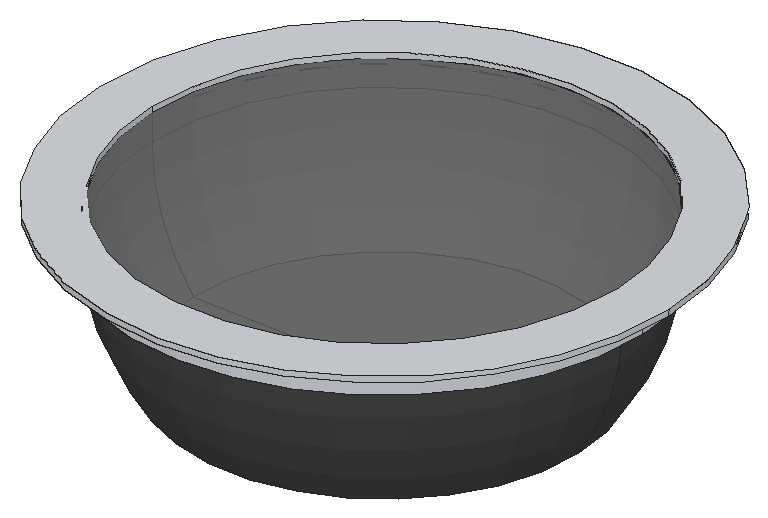
Revit family "3031606", category Lighting Fixtures, host Face, Revit 2018
Family settings
  Host = Face
  Round Connector Dimension = Use Diameter
  Part Type = Normal
  OmniClass Number = 23.80.70.11.17
  OmniClass Title = Specialized Lighting by Location or Use
  Cut with Voids When Loaded = No
  Light Source = Yes
  Shared = No
  Room Calculation Point = No
Parameters (values of type "3031606 SYL-LIGHTER 110 LED 12W WW DIM")
  Weight = 1.10 kg
  Wattage = 21 W
  built-in parameter 1150110 = 1 (stored number, unit not read)
  Voltage Comments = "UNV (Universal Voltage; 220-240 Volt)"  # constant formula
  Voltage = 240 V  # constant formula
  URL = "0"
  built-in parameter 1114217 = 1 (stored number, unit not read)
  Tilt Angle = -90.00°  # constant formula
  built-in parameter 1150109 = 1 (stored number, unit not read)
  built-in parameter 1150134 = 12
  T Class Min = -1 °C
  T Class Max = -1 °C
  built-in parameter 1150113 = 1 (stored number, unit not read)
  Recessed Depth = Height  # 60.0 mm
  LOR = "1"
  Keynote = "n/a"
  IP Rating = "IP44"  # constant formula
  IK Rating = "IK02"  # constant formula
  Catalog Number = "3031605 Syl-Lighter 220 LED 21W NW"
  Body Material = Metal_Sylvania_Syl-Lighter LED_Silver
  Product Page URL = ""
  Product Family = "SYL-LIGHTER LED ROUND - 4,000K LAMP"  # constant formula
  Photometry Comments = ""
  Photometric Web File = "3031606.ies"
  built-in parameter 1150105 = 128.68 (stored number, unit not read)
  Lumens = 1617 lm
  built-in parameter 1150115 = 1 (stored number, unit not read)
  built-in parameter 1150137 = (empty or 0)
  built-in parameter 1150139 = (empty or 0)
  Life = "50 000"  # constant formula
  built-in parameter 1150112 = 1 (stored number, unit not read)
  built-in parameter 1150114 = 1 (stored number, unit not read)
  Lamp Comments = "Integrated LED"
  built-in parameter 1150132 = 2
  built-in parameter 1150102 = (empty or 0)
  built-in parameter 1150107 = 4000 (stored number, unit not read)
  built-in parameter 1150138 = (empty or 0)
  built-in parameter 1150106 = 1.2868 (stored number, unit not read)
  Glow Wire Test = 960 °C
  Emit from Circle Diameter = Diffuser Diameter  # 180.0 mm
  Emit Shape Visible in Rendering = no
  built-in parameter 1150104 = 7.1535 (stored number, unit not read)
  Drive Current = "500mA"  # constant formula
  Dimming Lamp Color Temperature Shift = <None>
  Diffuser Radius = Diffuser Diameter / 2  # 90.0 mm
  Diffuser Diameter = Diameter - 20.0 mm  # 180.0 mm
  Inner Diameter = Diameter - 4.0 mm  # 196.0 mm
  Cutout Diameter = Diameter  # 200.0 mm
  Color Filter = 16777215
  CRI ( Ra ) = 80
  Beam Angle = 74.00°
  built-in parameter 1114218 = 1 (stored number, unit not read)
  built-in parameter 1150133 = 10 (stored number, unit not read)
  Height = 60.0 mm
  Electrical Protection = "CLASS II"  # constant formula
  built-in parameter 1114216 [instance] = 1 (stored number, unit not read)
  Model = "SYL-LIGHTER 110 LED 12W WW DIM"
  Manufacturer = ""
  Lamp = "n/a"
  Diffuser Material = Polycarbonate_Sylvania_Syl-Lighter LED_Opal
  Description = "Syl-lighter Round is available in 3 different body sizes: 165mm, 195mm & 220mm. High lumen output - up to 1,742lm. High efficiency - up to 80.9lm. Choice of 3,000K warm white or 4,000K neutral white colour temperature. Small recessed depth (<60mm)"  # constant formula
  Default Elevation = 0.0 mm
  built-in parameter 1140040 [instance] = 1
  Assembly Code = "D5020200"
  Apparent Load Comments = ""
  Apparent Load = 12 VA
  Accessory Radius = Accessory Diameter / 2  # 110.0 mm
  Accessory Material = Aluminum_Sylvania_Syl-Lighter LED_White
  Diameter = 200.0 mm
  Accessory Diameter = Diameter + 20.0 mm  # 220.0 mm
Reference planes
  plane 1 "Center (Front/Back)": y = 0
  plane 2: z = 0
  plane 3 "Center (Left/Right)": x = 0
  plane 4 "Fixture Bottom": z = 2
  plane 5: z = -10
  plane 6 "Fixture Top": z = -60
  plane 7: z = -2
Forms (mm)
  Extrusion 1, void
    sketch origin (0, 0, 58) x (-1, 0, 0) y (0, -1, 0)
      loop
        circle (0, 0) r 100
    from -171 to -55
  Extrusion 2, solid, detail levels fine
    sketch origin (0, 0, 58) x (-1, 0, 0) y (0, -1, 0)
      loop
        circle (0, 0) r 100
      loop
        circle (0, 0) r 98
    from -68 to -58
  Extrusion 3, solid, detail levels fine
    sketch origin (0, 0, 58) x (-1, 0, 0) y (0, -1, 0)
      loop
        circle (0, 0) r 110
      loop
        circle (0, 0) r 90
    from -58 to -56
  Extrusion 4, solid, material "Polycarbonate_Sylvania_Syl-Lighter LED_Opal" <- "Diffuser Material", detail levels fine
    sketch origin (0, 0, 58) x (-1, 0, 0) y (0, -1, 0)
      loop
        circle (0, 0) r 90
    from -60 to -58
  Revolve 5, solid, material "Metal_Sylvania_Syl-Lighter LED_Silver" <- "Body Material", detail levels fine
    sketch origin (0, 0, 0) x (1, 0, 0) y (0, 0, 1)
      loop
        line (-90, 0) -> (-92, 0) -> (-92, -10)
        arc (-92, -10) -> (-87.634, -36.405) -> (-75, -60) r 82.029
        line (-75, -60) -> (0, -60) -> (0, -58) -> (-74.007, -58)
        arc (-74.007, -58) -> (-85.897, -35.297) -> (-90, -10) r 80.029
        line (-90, -10) -> (-90, 0)
      axis (0, -60) -> (0, 0)
    angle from 0 to 360
  Revolve 6, solid, material "Aluminum_Sylvania_Syl-Lighter LED_White" <- "Accessory Material", detail levels coarse+medium
    sketch origin (0, 0, 0) x (1, 0, 0) y (0, 0, 1)
      loop
        line (-110, 2) -> (-110, 0) -> (-100, 0) -> (-100, -10) -> (-92, -10)
        arc (-92, -10) -> (-87.634, -36.405) -> (-75, -60) r 82.029
        line (-75, -60) -> (0, -60) -> (0, 2) -> (-110, 2)
      axis (0, 2) -> (0, -60)
    angle from 0 to 360
Cuts and joins
  joined: Extrusion 2, Extrusion 3
Dimensions and locks
  locked: plane 4 "Fixture Bottom" to plane 2 at 2
  locked: plane 2 to plane 5 at 10
  "Height": plane 2 to plane 6 "Fixture Top"
  locked: plane 2 to plane 7 at 2
  "Diffuser Radius": plane 3 "Center (Left/Right)" to Revolve 5 sketch curve
  locked: Revolve 5 sketch curve to Revolve 5 sketch curve at 2
  locked: Revolve 5 sketch curve to Revolve 5 sketch curve at 15
  "Accessory Radius": plane 3 "Center (Left/Right)" to Revolve 6 sketch curve
  locked: Revolve 6 sketch curve to Revolve 6 sketch curve at 10
  locked: Revolve 6 sketch curve to Revolve 6 sketch curve at 18
  locked: Revolve 6 sketch curve to Revolve 6 sketch curve at 35
  "Cutout Diameter": diameter of Extrusion 1 sketch curve
  "Diameter": diameter of Extrusion 2 sketch curve
  "Inner Diameter": diameter of Extrusion 2 sketch curve
  "Accessory Diameter": diameter of Extrusion 3 sketch curve
  "Diffuser Diameter": diameter of Extrusion 3 sketch curve
  "Diffuser Diameter": diameter of Extrusion 4 sketch curve
  aligned and locked: host face to plane 2
  aligned and locked: host face to level
  aligned and locked: plane 4 "Fixture Bottom" to Extrusion 3
  aligned and locked: Extrusion 3 to plane 2
  aligned and locked: Extrusion 2 to plane 5
  aligned and locked: plane 2 to Extrusion 2
  aligned and locked: Extrusion 4 to plane 7
  aligned and locked: plane 2 to Extrusion 4
  aligned and locked: Revolve 5 sketch curve to plane 2
  aligned and locked: plane 5 to Revolve 5 sketch curve  (x2)
  aligned and locked: Revolve 5 sketch curve to plane 3 "Center (Left/Right)"
  aligned and locked: plane 3 "Center (Left/Right)" to Revolve 5 sketch curve
  aligned and locked: Revolve 6 sketch curve to plane 5
  aligned and locked: Revolve 6 sketch curve to plane 2
  aligned and locked: Revolve 6 sketch curve to plane 4 "Fixture Bottom"
  aligned and locked: plane 3 "Center (Left/Right)" to Revolve 6 sketch curve
  aligned and locked: Revolve 6 sketch curve to plane 3 "Center (Left/Right)"
  aligned and locked: plane 3 "Center (Left/Right)" to imposter light
  aligned and locked: imposter light to plane 1 "Center (Front/Back)"
  aligned and locked: imposter light to plane 4 "Fixture Bottom"
Automatic sketch dimensions
  host sketch curve to host sketch curve = 700.0 mm
  host sketch curve to host sketch curve = 620.0 mm
  plane 1 "Center (Front/Back)" to Extrusion 1 sketch curve = 0.0 mm
  Extrusion 1 sketch curve to plane 3 "Center (Left/Right)" = 0.0 mm
  Extrusion 2 sketch curve to Extrusion 2 sketch curve = 0.0 mm  (x2)
  plane 1 "Center (Front/Back)" to Extrusion 2 sketch curve = 0.0 mm
  Extrusion 2 sketch curve to plane 3 "Center (Left/Right)" = 0.0 mm
  Extrusion 3 sketch curve to Extrusion 3 sketch curve = 0.0 mm  (x2)
  plane 1 "Center (Front/Back)" to Extrusion 3 sketch curve = 0.0 mm
  Extrusion 3 sketch curve to plane 3 "Center (Left/Right)" = 0.0 mm
  plane 1 "Center (Front/Back)" to Extrusion 4 sketch curve = 0.0 mm
  Extrusion 4 sketch curve to plane 3 "Center (Left/Right)" = 0.0 mm
  Revolve 5 sketch curve to Revolve 5 sketch curve = 0.0 mm
  Revolve 5 sketch curve to plane 6 "Fixture Top" = 0.0 mm
  plane 6 "Fixture Top" to Revolve 5 sketch curve = 2.0 mm
  Revolve 5 sketch curve to Revolve 5 sketch curve = 17.111 mm
  plane 4 "Fixture Bottom" to Revolve 5 sketch curve = 20.889 mm
  Revolve 6 sketch curve to plane 6 "Fixture Top" = 0.0 mm
  Revolve 6 sketch curve to Revolve 6 sketch curve = 63.885 mm
  Revolve 6 sketch curve to Revolve 6 sketch curve = 84.115 mm
Connectors
  electrical at (0, 0, -60), driven by "Apparent Load", driven by "Voltage"
    settings: on Revolve 5, index 1, voltage 240 V, apparent load 0 VA, apparent load phase1 12 VA, apparent load phase2 0 VA, apparent load phase3 0 VA, power factor 1, load classification "Lighting", number of poles 1, system type 31, power factor state 1, is connector primary yes, connector utility no, sub classification motor no, connector description ""
